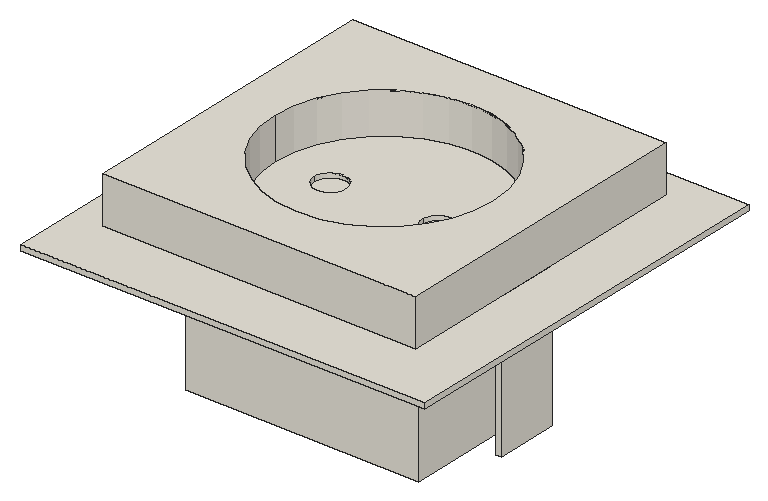
Revit family "Gira_018828", category Electrical Fixtures, host Face, Revit 2017
Family settings
  Host = Face
  Maintain Annotation Orientation = Yes
  Round Connector Dimension = Use Diameter
  Part Type = Normal
  Cut with Voids When Loaded = No
  Shared = No
  Room Calculation Point = No
Parameters (values of type "SCHUKO System 55 anthra.")
  With signal lamp = "No"
  With orientation lighting = "No"
  With on/off switch = "No"
  With miniature fuse = "No"
  With loop through function = "No"
  With hinged lid = "No"
  With function lighting = "No"
  With child-protection = "No"
  With built-in USB power supply = "No"
  URL = "http://katalog.gira.de/en/datenblatt.html?artikelnr=018828"
  Type of fastening = "Mounting with claw and screw"
  Transparent = "No"
  Surface protection = "Other"
  Suitable for degree of protection (IP) = "IP20"
  Special power supply = "No special power supply"
  Rotated central insert = "No"
  Protective earth pin round = "No"
  Protective contact = "Yes"
  Over voltage protection = "No"
  Number of units = "1"
  Number of socket outlets switchable = "0"
  Number of modules (module system) = "1"
  Nominal voltage = "250"
  Nominal current = "16"
  Name = "SCHUKO System 55 anthra."
  Mounting method = "Flush mounted (plaster)"
  Model = "Protective contact (SCHUKO)"
  Min. depth of built-in installation box = "0.032"
  Material quality = "Thermoplastic"
  Material = "Plastic"
  Manufacturer URL = "https://www.gira.de/"
  Manufacturer = "Gira"
  Lockable = "No"
  Label space/information surface = "No"
  Insulated mounting = "No"
  Imprint/indication = "Without imprint"
  HeinzeBIM = "https://bimportal.heinze.de/bim/schuko-system-55-anthra-/849c176adc3d590e7e187eb59820cf487e41bac3"
  Halogen free = "Yes"
  HAN = "018828"
  GTIN = "4010337188285"
  Für "erschwerte Bedingungen" (nach VDE) (*de-DE) = "No"
  Frequency = "50 - 50"
  Fault current protection = "No"
  Eject-mechanism = "No"
  Description = "SCHUKO Sys55 AN,SCHUKO socket outlet 16 A 250 V~,,anthracite,"
  Default Elevation = 1219.2 mm
  Data sheet (1) = "https://katalog.gira.de/en/download.html?artikelnr=018828"
  Cremeweiß glänzend = Cremeweiß glänzend
  Connection type = "Plug clamp"
  Colour = "Anthracite"
  Category = "Socket outlet"
  BIM (1) = "https://media.stage.bim.site/public/gira/36a6b08/SYS55_Steckdose.rfa"
  Available = "No"
  Antibacterial treatment = "No"
Reference planes
  plane 1 "Center (Front/Back)": y = 0
  plane 2 "Reference Level 0": z = 0
  plane 3 "Center (Left/Right)": x = 0
  plane 4: x = 9.5
  plane 5: x = -9.5
  plane 6: x = 9.5
  plane 7: x = -9.5
  plane 8: x = 9.5
  plane 9: x = -9.5
  plane 10: x = 17.5
  plane 11 "Reference Level 1": z = 8.2
Forms (mm)
  Extrusion 1, solid, material "Cremeweiß glänzend" <- "Cremeweiß glänzend", detail levels coarse
    sketch origin (0, 0, 0) x (1, 0, 0) y (0, 1, 0)
      loop
        line (-35.5, 35.5) -> (-35.5, -35.5) -> (35.5, -35.5) -> (35.5, 35.5) -> (-35.5, 35.5)
    from -27.5 to 8.2
  Extrusion 2, solid, material "Cremeweiß glänzend" <- "Cremeweiß glänzend", detail levels medium+fine
    sketch origin (0, 0, 0) x (1, 0, 0) y (0, 1, 0)
      loop
        line (-35.5, 35.5) -> (-35.5, -35.5) -> (35.5, -35.5) -> (35.5, 35.5) -> (-35.5, 35.5)
    from -2.2 to -3.2
  Extrusion 3, solid, material "Cremeweiß glänzend" <- "Cremeweiß glänzend", detail levels medium+fine
    sketch origin (0, 0, 0) x (1, 0, 0) y (0, 1, 0)
      loop
        line (-27.5, 27.5) -> (-27.5, -27.5) -> (27.5, -27.5) -> (27.5, 27.5) -> (-27.5, 27.5)
      loop
        circle (0, 0) r 19.2
    from 0 to 8.2
  Extrusion 4, solid, material "Cremeweiß glänzend" <- "Cremeweiß glänzend", detail levels fine
    sketch origin (0, 0, 0) x (1, 0, 0) y (0, 1, 0)
      loop
        circle (0, 0) r 19.2
      loop
        circle (9.5, 0) r 2.8
      loop
        circle (-9.5, 0) r 2.8
    from 0 to 1
  Extrusion 5, solid, material "Cremeweiß glänzend" <- "Cremeweiß glänzend", detail levels fine
    sketch origin (0, 0, 0) x (1, 0, 0) y (0, 1, 0)
      loop
        circle (-9.5, 0) r 2.8
      loop
        circle (9.5, 0) r 2.8
    from -2.2 to 0.3
  Extrusion 6, solid, material "Cremeweiß glänzend" <- "Cremeweiß glänzend", detail levels medium
    sketch origin (0, 0, 0) x (1, 0, 0) y (0, 1, 0)
      loop
        circle (0, 0) r 19.2
      loop
        circle (9.5, 0) r 2.8
      loop
        circle (-9.5, 0) r 2.8
    from 7.2 to 8.2
  Extrusion 7, solid, material "Cremeweiß glänzend" <- "Cremeweiß glänzend", detail levels medium
    sketch origin (0, 0, 0) x (1, 0, 0) y (0, 1, 0)
      loop
        circle (-9.5, 0) r 2.8
      loop
        circle (9.5, 0) r 2.8
    from 7.2 to 8.2
  Extrusion 8, solid, material "Cremeweiß glänzend" <- "Cremeweiß glänzend", detail levels medium+fine
    sketch origin (0, 0, 0) x (1, 0, 0) y (0, 1, 0)
      loop
        line (-20.5, 9) -> (-20.5, -18) -> (20.5, -18) -> (20.5, 9) -> (17.5, 9) -> (3, 21) -> (3, 24) -> (-3, 24) -> (-3, 21) -> (-17.5, 9) -> (-20.5, 9)
    from 0 to -27.5
  Extrusion 9, solid, material "Cremeweiß glänzend" <- "Cremeweiß glänzend", detail levels medium+fine
    sketch origin (0, 0, 0) x (1, 0, 0) y (0, 1, 0)
      loop
        line (-25, 5.5) -> (-25, -5.5) -> (-24, -5.5) -> (-24, 5.5) -> (-25, 5.5)
    from 0 to -27.5
  Extrusion 10, solid, material "Cremeweiß glänzend" <- "Cremeweiß glänzend", detail levels medium+fine
    sketch origin (0, 0, 0) x (-1, 0, 0) y (0, -1, 0)
      loop
        line (-25, 5.5) -> (-25, -5.5) -> (-24, -5.5) -> (-24, 5.5) -> (-25, 5.5)
    from 0 to -27.5
Dimensions and locks
  aligned and locked: plane 2 "Reference Level 0" to host face
  aligned and locked: level to host face
  aligned and locked: plane 3 "Center (Left/Right)" to nested 1
  aligned and locked: plane 1 "Center (Front/Back)" to nested 1
Nested families
  nested 1: "Steckdose 1-fach Beschriftung" at (0, 0, 0), type "Steckdose 1-fach Beschriftung"
Connectors
  electrical at (0, 9, -27.5)
    settings: on Extrusion 8, index 1, voltage 220 V, apparent load 0 VA, apparent load phase1 0 VA, apparent load phase2 0 VA, apparent load phase3 0 VA, power factor 1, load classification "Other", number of poles 1, system type 31, power factor state 1, is connector primary yes, connector utility no, sub classification motor no, connector description ""
Definition of nested family "Steckdose 1-fach Beschriftung"
  Reference planes
    plane 1: y = 0
    plane 2: x = 0
  Lines and regions (mm)
    detail lines
      curve 1: line (0, 0, 0) -> (0, 2, 0)
      curve 3: line (0, 2, 0) -> (-1, 2, 0)
      curve 4: arc (1, 3, 0) -> (0, 2, 0) -> (-1, 3, 0) r 1
      curve 5: line (0, 2, 0) -> (1, 2, 0)
    reference lines
      curve 2: line (-0.485, 3, 0) -> (2.315, 3, 0)
  Dimensions and locks
    curve 1 to curve 1 = 2 mm
    plane 1 to curve 2 = 3 mm
    curve 3 to curve 3 = 1 mm
